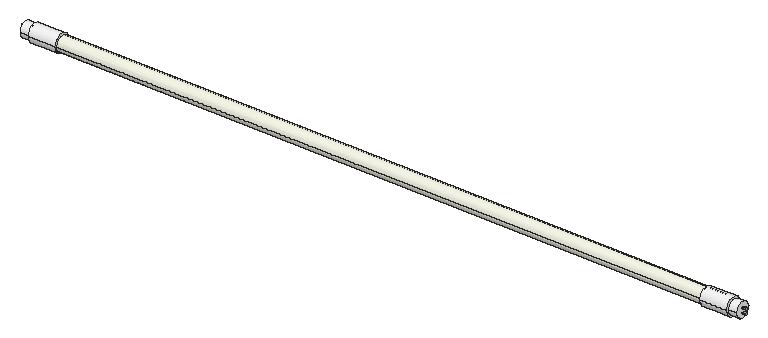
Revit family "STH9617_30_40_65", category Luminárias, Revit 2023
Family settings
  Cota do conector redondo = Utilizar diâmetro
  Tipo de parte = Normal
  Com base no plano de trabalho = Não
  Sempre na vertical = Sim
  Corte com vazios quando carregada = Não
  Fonte luminosa = Sim
  Manter orientação da anotação = Não
  Compartilhado = Não
  Ponto de cálculo do ambiente = Não
Parameters (values of type "STH9617/30 - BIVOLT - 3000K - 1850lm - 200°")
  Ângulo de inclinação = 90.00°
  Ângulo de Abertura = "200°"
  Wattage = 12.4544 W
  Luminoso = Luminoso - 3000K
  URL = "https://stella.com.br/"
  Troca de temperatura da cor de lâmpada com esmaecimento = <Nenhum>
  Tensão Elétrica = "100V-240V"
  built-in parameter 1150107 = 3000 (stored number, unit not read)
  Temperatura da cor (K) = 3000 K
  Referência = "STH9617/30 - BIVOLT"
  Potência = 18 W
  built-in parameter 1150110 = 1 (stored number, unit not read)
  built-in parameter 1150109 = 1 (stored number, unit not read)
  built-in parameter 1114218 = 1 (stored number, unit not read)
  built-in parameter 1150112 = 1 (stored number, unit not read)
  built-in parameter 1150113 = 1 (stored number, unit not read)
  built-in parameter 1150132 = 2
  built-in parameter 1150137 = (empty or 0)
  Modelo = "Tubular T8 120cm"
  built-in parameter 1150106 = 2.8977 (stored number, unit not read)
  built-in parameter 1150102 = (empty or 0)
  built-in parameter 1150105 = 289.77 (stored number, unit not read)
  IRC (Índice de reprodução de cores) = ">80"
  Grau de proteção (IP) = "IP20"
  Fluxo Luminoso = 1850 lm
  Color Filter = 16777215
  built-in parameter 1114217 = 1 (stored number, unit not read)
  built-in parameter 1150139 = (empty or 0)
  Fabricante = "Stella"
  Estrutura = Al - Branco
  Default Elevation = 0.00 m
  built-in parameter 1150104 = 13.8 (stored number, unit not read)
  Diâmetro = 0.028 m
  Dimerização = "Não dimerizável"
  built-in parameter 1150115 = 1 (stored number, unit not read)
  built-in parameter 1150114 = 1 (stored number, unit not read)
  Cromado = Cromado
  Lumens = 1850 lm
  built-in parameter 1150138 = (empty or 0)
  built-in parameter 1150134 = (empty or 0)
  Comprimento = 1.213 m
  Arquivo de rede fotométrica = "STELLA - STH9617-30 - TUBULAR T8 18W.ies"
  built-in parameter 1150133 = 10 (stored number, unit not read)
Types (4, lengths in m): name | Luminoso | built-in parameter 1150107 | Temperatura da cor (K) | Referência | built-in parameter 1150134 | Arquivo de rede fotométrica
  (no name) | Luminoso - 3000K | 3000 (stored number, unit not read) | 3000 K | "STH9617/30 - BIVOLT" | (empty or 0) | "STELLA - STH9617-30 - TUBULAR T8 18W.ies"
  STH9617/30 - BIVOLT - 3000K - 1850lm - 200° | Luminoso - 3000K | 3000 (stored number, unit not read) | 3000 K | "STH9617/30 - BIVOLT" | (empty or 0) | "STELLA - STH9617-30 - TUBULAR T8 18W.ies"
  STH9617/40 - BIVOLT - 4000K - 1850lm - 200° | Luminoso - 4000K | 4000 (stored number, unit not read) | 4000 K | "STH9617/40 - BIVOLT" | 12 | "STELLA - STH9617-40 - TUBULAR T8 18W.ies"
  STH9617/65 - BIVOLT - 6500K - 1850lm - 200° | Luminoso - 6500K | 6500 (stored number, unit not read) | 6500 K | "STH9617/65 - BIVOLT" | 1 | "STELLA - STH9617-65 - TUBULAR T8 18W.ies"
Reference planes (m)
  plane 1 "Centro (Frente/Trás)": y = -0.031228
  plane 2: z = 0
  plane 3 "Centro (Esquerda/Direita)": x = 0
  plane 4: y = -0.017228
  plane 5: y = -0.045228
  plane 6: x = -0.6065
  plane 7: x = 0.6065
  plane 8 "Superior": z = 0.028
Forms (m)
  Extrusion 1, solid, material "Luminoso - 3000K" <- "Luminoso"
    sketch origin (0, 0, 0) x (0, 1, 0) y (0, 0, 1)
      loop
        circle (-0.031228, 0.014) r 0.012
      loop
        circle (-0.031228, 0.014) r 0.0118
    from -0.54 to 0.54
  Extrusion 2, solid, material "Al - Branco" <- "Estrutura"
    sketch origin (0, 0, 0) x (0, 1, 0) y (0, 0, -1)
      loop
        circle (-0.031228, -0.014) r 0.014
      loop
        circle (-0.031228, -0.014) r 0.011
    from 0.54 to 0.585
  Extrusion 3, solid, material "Al - Branco" <- "Estrutura"
    sketch origin (0, 0, 0) x (0, 1, 0) y (0, 0, -1)
      loop
        circle (-0.031228, -0.014) r 0.012
    from 0.585 to 0.6
  Extrusion 4, solid, material "Cromado" <- "Cromado"
    sketch origin (0, 0, 0) x (0, 1, 0) y (0, 0, -1)
      loop
        circle (-0.031228, -0.018) r 0.001
      loop
        circle (-0.031228, -0.01) r 0.001
    from 0.6 to 0.6065
  Extrusion 5, solid, material "Al - Branco" <- "Estrutura"
    sketch origin (0, 0, 0) x (0, 1, 0) y (0, 0, 1)
      loop
        circle (-0.031228, 0.014) r 0.014
      loop
        circle (-0.031228, 0.014) r 0.011
    from 0.54 to 0.585
  Extrusion 6, solid, material "Al - Branco" <- "Estrutura"
    sketch origin (0, 0, 0) x (0, 1, 0) y (0, 0, 1)
      loop
        circle (-0.031228, 0.014) r 0.012
    from 0.585 to 0.6
  Extrusion 7, solid, material "Cromado" <- "Cromado"
    sketch origin (0, 0, 0) x (0, 1, 0) y (0, 0, 1)
      loop
        circle (-0.031228, 0.018) r 0.001
      loop
        circle (-0.031228, 0.01) r 0.001
    from 0.6 to 0.6065
Dimensions and locks (m)
  "Diâmetro": plane 4 to plane 5
  plane 6 to plane 7 = 1.213 m
  aligned and locked: level to plane 2
Automatic sketch dimensions
  Extrusion 1 sketch curve to Extrusion 1 sketch curve = 0.00 m  (x12)
  Extrusion 1 sketch curve to plane 1 "Centro (Frente/Trás)" = 0.00 m
  level to Extrusion 1 sketch curve = 0.014 m
  plane 5 to Extrusion 1 sketch curve = 0.0022 m
  Extrusion 1 sketch curve to Extrusion 1 sketch curve = 0.0002 m
  Extrusion 2 sketch curve to Extrusion 2 sketch curve = 0.00 m  (x12)
  Extrusion 2 sketch curve to plane 5 = 0.00 m
  Extrusion 2 sketch curve to plane 1 "Centro (Frente/Trás)" = 0.00 m
  level to Extrusion 2 sketch curve = 0.014 m
  Extrusion 2 sketch curve to Extrusion 2 sketch curve = 0.003 m
  Extrusion 3 sketch curve to Extrusion 3 sketch curve = 0.00 m  (x2)
  Extrusion 3 sketch curve to plane 1 "Centro (Frente/Trás)" = 0.00 m
  level to Extrusion 3 sketch curve = 0.014 m
  plane 5 to Extrusion 3 sketch curve = 0.002 m
  Extrusion 4 sketch curve to Extrusion 4 sketch curve = 0.00 m  (x4)
  Extrusion 4 sketch curve to plane 1 "Centro (Frente/Trás)" = 0.00 m  (x2)
  Extrusion 4 sketch curve to plane 8 "Superior" = 0.01 m
  Extrusion 4 sketch curve to Extrusion 4 sketch curve = 0.008 m
  plane 1 "Centro (Frente/Trás)" to Extrusion 4 sketch curve = 0.001 m  (x2)
  Extrusion 5 sketch curve to Extrusion 5 sketch curve = 0.00 m  (x12)
  Extrusion 5 sketch curve to plane 5 = 0.00 m
  Extrusion 5 sketch curve to plane 1 "Centro (Frente/Trás)" = 0.00 m
  level to Extrusion 5 sketch curve = 0.014 m
  Extrusion 5 sketch curve to Extrusion 5 sketch curve = 0.003 m
  Extrusion 6 sketch curve to Extrusion 6 sketch curve = 0.00 m  (x2)
  Extrusion 6 sketch curve to plane 1 "Centro (Frente/Trás)" = 0.00 m
  level to Extrusion 6 sketch curve = 0.014 m
  plane 5 to Extrusion 6 sketch curve = 0.002 m
  Extrusion 7 sketch curve to Extrusion 7 sketch curve = 0.00 m  (x4)
  Extrusion 7 sketch curve to plane 1 "Centro (Frente/Trás)" = 0.00 m  (x2)
  level to Extrusion 7 sketch curve = 0.01 m
  Extrusion 7 sketch curve to Extrusion 7 sketch curve = 0.008 m
  plane 1 "Centro (Frente/Trás)" to Extrusion 7 sketch curve = 0.001 m  (x2)
Connectors (m)
  electrical at (0, -0.031228, 0.028)
    settings: index 1, voltage 0 V, apparent load 0 VA, apparent load phase1 0 VA, apparent load phase2 0 VA, apparent load phase3 0 VA, power factor 1, load classification "Outro", number of poles 1, system type 31, power factor state 1, is connector primary yes, connector utility no, sub classification motor no, connector description ""
